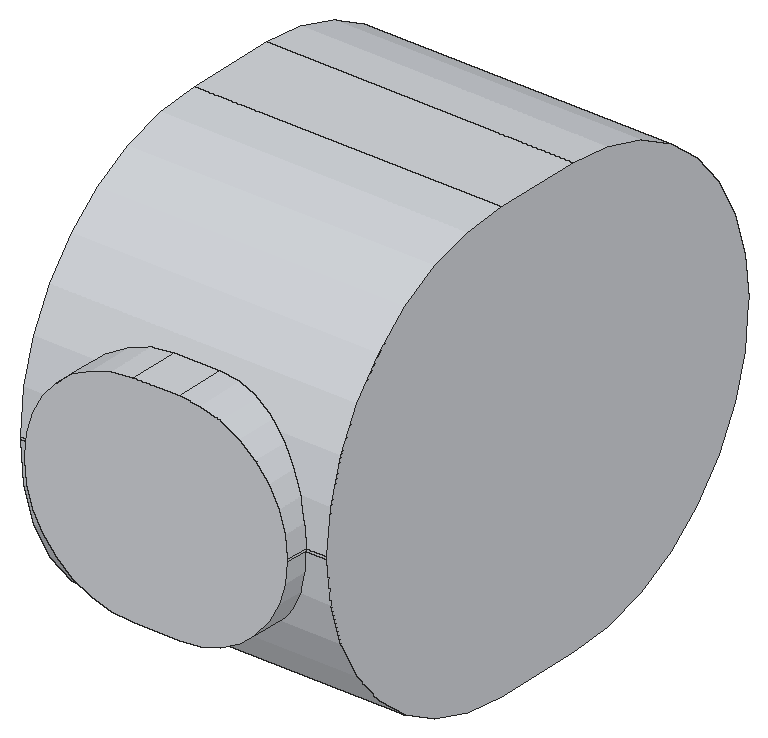
Revit family "5d6fdb3361ea427588fda24f9c418855", category Duct Fittings, Revit 2021
Family settings
  Round Connector Dimension = Use Diameter
  Part Type = Tee
  OmniClass Number = 23.75.70.14
  OmniClass Title = Air Ductwork
  Seek Item ID = Oval Tee - Straight-0000-USA-ENU
  Work Plane-Based = No
  Always vertical = Yes
  Cut with Voids When Loaded = No
  Shared = No
Parameters (values of type "Standard")
  Shoulder Length [instance] = 1"
  Length 2 [instance] = Duct Width 1 / 2 + Shoulder Length  # 13"
  Length 1 [instance] = Duct Width 2 + Shoulder Length * 2  # 14"
  Duct Width 2 [instance] = 12"
  Duct Width 1 [instance] = 24"
  Duct Height 2 [instance] = 10"
  Duct Height 1 [instance] = 20"
  Default Elevation = 0' - 0"
Reference planes (in)
  plane 1 "Center (Front/Back)": y = 0
  plane 2: z = 0
  plane 3 "Center (Left/Right)": x = 0
Forms (in)
  Sweep 1, solid, detail levels medium+fine
    path in 3D
      loop
        line (-7, 0, 0) -> (7, 0, 0)
    profile "Duct - Oval : Duct - Oval 1" origin (0, 0, 0) x (0, 1, 0) y (0, 0, 1)
      loop
        line (-12, 0.0625) -> (-12, -0.0625)
        arc (-12, -0.0625) -> (-9.08937, -7.08937) -> (-2.0625, -10) r 9.9375
        line (-2.0625, -10) -> (2.0625, -10)
        arc (2.0625, -10) -> (9.08937, -7.08937) -> (12, -0.0625) r 9.9375
        line (12, -0.0625) -> (12, 0.0625)
        arc (12, 0.0625) -> (9.08937, 7.08937) -> (2.0625, 10) r 9.9375
        line (2.0625, 10) -> (-2.0625, 10)
        arc (-2.0625, 10) -> (-9.08937, 7.08937) -> (-12, 0.0625) r 9.9375
  Sweep 2, solid, detail levels medium+fine
    path in 3D
      loop
        line (0, 0, 0) -> (0, -13, 0)
    profile "Duct - Oval : Duct - Oval 2" origin (0, -6.5, 0) x (1, 0, 0) y (0, 0, 1)
      loop
        line (-6, 0.0625) -> (-6, -0.0625)
        arc (-6, -0.0625) -> (-4.55384, -3.55384) -> (-1.0625, -5) r 4.9375
        line (-1.0625, -5) -> (1.0625, -5)
        arc (1.0625, -5) -> (4.55384, -3.55384) -> (6, -0.0625) r 4.9375
        line (6, -0.0625) -> (6, 0.0625)
        arc (6, 0.0625) -> (4.55384, 3.55384) -> (1.0625, 5) r 4.9375
        line (1.0625, 5) -> (-1.0625, 5)
        arc (-1.0625, 5) -> (-4.55384, 3.55384) -> (-6, 0.0625) r 4.9375
Cuts and joins
  joined: Sweep 1, Sweep 2
Lines and regions (in)
  model lines, detail levels coarse
    curve 1: line (-7, 0, 0) -> (7, 0, 0)
    curve 2: line (0, 0, 0) -> (0, -13, 0)
  sketch lines
    curve 3: line (-7, 0, 0) -> (7, 0, 0)
    curve 4: line (0, 0, 0) -> (0, -13, 0)
Dimensions and locks (in)
  equal spacing: curve 1, plane 3 "Center (Left/Right)", curve 1
  "Length 1": curve 1 to curve 1
  "Length 2": curve 2 to curve 2
  aligned and locked: plane 1 "Center (Front/Back)" to curve 1
  aligned and locked: plane 1 "Center (Front/Back)" to curve 2
  aligned and locked: curve 2 to plane 3 "Center (Left/Right)"
Connectors (in)
  hvac at (-7, 0, 0), driven by "Duct Height 1", driven by "Duct Width 1"
    settings: on Sweep 1, index 1, duct flow 0 CFM, flow factor 0, pres drop 0.00 in-wg, loss coef 0, conn angle 0.00°, conn width 24", conn height 20", conn diameter 24", duct sys type 28, conn prof type 2, flow config 0, flow direction 0, loss method 0, conn ref index 2, conn util no, is conn primary yes, conn desc ""
  hvac at (7, 0, 0), driven by "Duct Height 1", driven by "Duct Width 1"
    settings: on Sweep 1, index 2, duct flow 0 CFM, flow factor 0, pres drop 0.00 in-wg, loss coef 0, conn angle 0.00°, conn width 24", conn height 20", conn diameter 24", duct sys type 28, conn prof type 2, flow config 0, flow direction 0, loss method 0, conn ref index 1, conn util no, is conn primary no, conn desc ""
  hvac at (0, -13, 0), driven by "Duct Height 2", driven by "Duct Width 2"
    settings: on Sweep 2, index 3, duct flow 0 CFM, flow factor 0, pres drop 0.00 in-wg, loss coef 0, conn angle 0.00°, conn width 12", conn height 10", conn diameter 24", duct sys type 28, conn prof type 2, flow config 0, flow direction 0, loss method 0, conn ref index -1, conn util no, is conn primary no, conn desc ""
